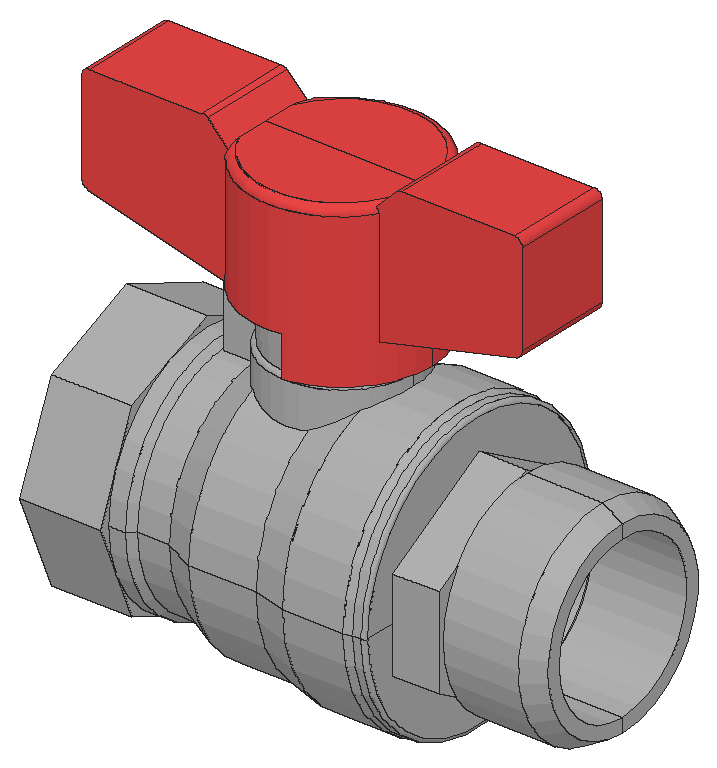
Revit family "QA01780000", category Apparecchi idraulici, Revit 2016
Family settings
  Tipo di parte = Normale
  Quota connettore circolare = Usa diametro
  Numero OmniClass = 23.45.00.00
  Titolo OmniClass = Sanitary, Laundry, and Cleaning Equipment
  Basato su piano di lavoro = No
  Sempre verticale = Sì
  Taglio con vuoti quando caricato = No
  Condiviso = No
  Punto di calcolo locali = No
Parameters
  URL = "https://web.cimberio.it/index.php/figura/1044?subcategoria_id=42417"
  DN Model [instance] = QA01781020 : QA01781020
  DN [instance] = 19 mm
Reference planes
  plane 1 "Centro (Fronte/Retro)": y = 0
  plane 2: z = 0
  plane 3 "Centro (Sinistra/Destra)": x = 0
Dimensions and locks
  aligned and locked: level to plane 2
Nested families
  nested 1: "QA01781020" at (0, 0, 0), type <- "DN Model", type "QA01781020"
  nested 2: "QA01781020" at (0, 0, 0), type <- "DN Model", type "QA01781020"
  nested 3: "QA01781020" at (0, 0, 0), type <- "DN Model", type "QA01781020"
Connectors
  piping at (35.1, 0, 0), diameter 19, driven by "DN"
    settings: on nested 1, index 1, connector inside diameter 609.6 mm, connector length 0 mm, flow factor 0, pipe flow 0.0 L/s, pressure drop 0.0 Pa, fitting loss kfactor 0, connector angle 0.00°, fixture units 0, engagement length 0 mm, angle of deflection 0.00°, flow configuration 0, flow direction 0, fitting loss method 0, system type 7, joint type 0, gender type 0, connector reference index -1, connector utility 0, adjustable connector no, is connector primary yes, connector description ""
  piping at (-26.75, 0, 0), diameter 19, driven by "DN"
    settings: on nested 1, index 2, connector inside diameter 609.6 mm, connector length 0 mm, flow factor 0, pipe flow 0.0 L/s, pressure drop 0.0 Pa, fitting loss kfactor 0, connector angle 0.00°, fixture units 0, engagement length 0 mm, angle of deflection 0.00°, flow configuration 0, flow direction 0, fitting loss method 0, system type 7, joint type 0, gender type 0, connector reference index -1, connector utility 0, adjustable connector no, is connector primary no, connector description ""
Definition of nested family "QA01781020"
  Reference planes
    plane 1 "Centro (Fronte/Retro)": y = 0
    plane 2: z = 0
    plane 3 "Centro (Sinistra/Destra)": x = 0
  Forms (mm)
    Revolve 1, solid
      sketch origin (0, 0, 0.033) x (0, 1, 0) y (-1, 0, 0)
        loop
          line (10, 16.75) -> (10, -17.1) -> (17.25, -17.1)
          arc (17.25, -17.1) -> (17.604, -16.954) -> (17.75, -16.6) r 0.5
          line (17.75, -16.6) -> (17.75, -15.519) -> (18, -14.586) -> (18, -7) -> (16.85, -2.708) -> (16.85, 5.55) -> (14.75, 9.75) -> (14.75, 13.75) -> (15.5, 14.5) -> (15.5, 16.75) -> (10, 16.75)
        axis (0, 16.75) -> (0, -17.1)
      angle from 0 to 360
    Revolve 2, solid
      sketch origin (0, 0, 6.562) x (1, 0, 0) y (0, 0, 1)
        loop
          line (0.073, 22.3) -> (-8.613, 22.3) -> (-8.369, 13.347)
          arc (-8.369, 13.347) -> (-8.731, 13.138) -> (-8.874, 12.745) r 0.611
          line (-8.874, 12.745) -> (-8.874, 7.161) -> (0.073, 7.161) -> (0.073, 22.3)
        axis (0.073, 7.161) -> (0.073, 22.3)
      angle from 0 to 360
    Extrusion 3, solid
      sketch origin (0, 0, 6.562) x (1, 0, 0) y (0, 0, 1)
        loop
          line (-13.5, 18.145) -> (-13.5, 7.779) -> (-6.565, 7.779) -> (-6.565, 18.145) -> (-13.5, 18.145)
      from -1.5 to 1.5
    Revolve 4, solid
      sketch origin (0, 0, 3.719) x (1, 0, 0) y (0, 0, 1)
        loop
          line (0, 37.295) -> (0, 17.288) -> (11.388, 17.288) -> (11.388, 36.295)
          arc (11.388, 36.295) -> (11.095, 37.002) -> (10.388, 37.295) r 1
          line (10.388, 37.295) -> (0, 37.295)
        axis (0, 37.295) -> (0, 17.288)
      angle from 0 to 360
    Extrusion 5, void
      sketch origin (0, 0, 54.034) x (0, 1, 0) y (-1, 0, 0)
        loop
          line (1.5, 7.302) -> (1.5, 13.521)
          arc (1.5, 13.521) -> (-9.655, 9.583) -> (-13.509, -1.6) r 13.603
          line (-13.509, -1.6) -> (-7.124, -1.6)
          arc (-7.124, -1.6) -> (-5.109, 5.076) -> (1.5, 7.302) r 7.603
      from -35.316 to -28.016
    Extrusion 6, solid
      sketch origin (-16, 0, 0) x (0, 0, 1) y (0, 1, 0)
        loop
          circle (0, 0) r 9.967
        loop
          line (16.7, 0) -> (11.809, 11.809) -> (0, 16.7) -> (-11.809, 11.809) -> (-16.7, 0) -> (-11.809, -11.809) -> (0, -16.7) -> (11.809, -11.809) -> (16.7, 0)
      from 0.75 to 10.75
    Revolve 7, solid
      sketch origin (0, 0, 0) x (1, 0, 0) y (0, 0, 1)
        loop
          line (35.1, 11.682) -> (32.587, 13.133) -> (23.1, 13.133) -> (23.1, 10) -> (35.1, 10) -> (35.1, 11.682)
        axis (35.1, 0) -> (23.1, 0)
      angle from 0 to 360
    Extrusion 8, solid
      sketch origin (0, 0, 0) x (0, 1, 0) y (0, 0, 1)
        loop
          circle (0, 0) r 10
        loop
          line (0, 13.5) -> (-13.5, 5.706) -> (-13.5, -5.706) -> (0, -13.5) -> (13.5, -5.706) -> (13.5, 5.706) -> (0, 13.5)
      from 17.1 to 23.1
    Extrusion 9, solid
      sketch origin (0, 0, 0) x (1, 0, 0) y (0, 0, 1)
        loop
          arc (-11.792, 43.219) -> (-12.116, 43.437) -> (-12.498, 43.513) r 1
          line (-12.498, 43.513) -> (-26.498, 43.513)
          arc (-26.498, 43.513) -> (-27.207, 43.221) -> (-27.5, 42.513) r 1
          line (-27.5, 42.513) -> (-27.5, 30.984)
          arc (-27.5, 30.984) -> (-27.288, 30.368) -> (-26.742, 30.013) r 1
          line (-26.742, 30.013) -> (-9.027, 25.597) -> (-7.848, 39.276) -> (-11.792, 43.219)
        loop
          line (11.792, 43.219) -> (3.472, 34.899) -> (4.374, 24.436) -> (26.742, 30.013)
          arc (26.742, 30.013) -> (27.288, 30.368) -> (27.5, 30.984) r 1
          line (27.5, 30.984) -> (27.5, 42.513)
          arc (27.5, 42.513) -> (27.207, 43.221) -> (26.498, 43.513) r 1
          line (26.498, 43.513) -> (12.498, 43.513)
          arc (12.498, 43.513) -> (12.116, 43.437) -> (11.792, 43.219) r 1
      from -6.191 to 6.164
  Cuts and joins
    Extrusion 5 cuts Revolve 4
  Lines and regions (mm)
    model lines
      curve 1: line (-7.603, 0, 16.13) -> (7.75, 0, 16.13)
  Dimensions and locks
    aligned and locked: level to plane 2
